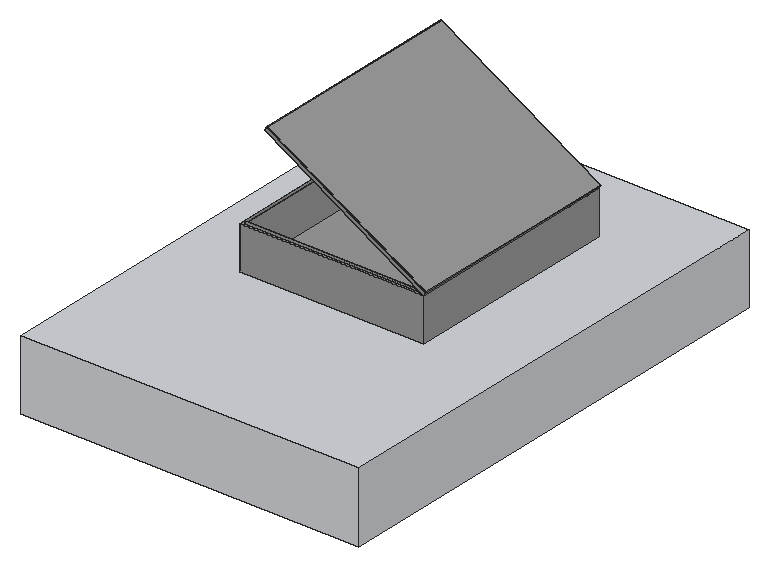
Revit family "Hager-Univers-IP44-D205-H950-Cl.I-Encl-CH-en", category Equipement électrique, Revit 2020
Family settings
  Hôte = Face
  Configuration du panneau = Deux colonnes, circuits au sein
  Cote de connecteur circulaire = Utiliser le diamètre
  Type d'élément = Tableau de raccordement
  Couper avec des vides une fois chargée = Non
  Partagée = Non
  Point de calcul de pièce = Non
Parameters (values of type "Surface mounted (plaster) IP44 W800 H950 D205  - FP63TN2")
  Width Control [instance] = if([EF000008 - Width] > Min Width, [EF000008 - Width], Min Width)  # 800 mm
  Commentaires du type = [HG000003 - Range]  # "Univers"
  Thickness Door [instance] = if([EF009171 - Material plate thickness door/cover] > 3 mm, 3 mm, [EF009171 - Material plate thickness door/cover])  # 1 mm
  Seal Frame Offset [instance] = 17 mm  # constant formula
  Plinth Visibility [instance] = [HG000027 - Plinth height] > 0 mm  # no
  Model = ""
  Min Width [instance] = 100 mm  # constant formula
  Min Height [instance] = 100 mm  # constant formula
  Min Depth [instance] = (2 * [EF009170 - Material plate thickness cabinet]) + 1 mm  # 3 mm
  Internal Frame Depth [instance] = (Door System Depth * 0.5)  # 9 mm
  Height Control [instance] = if([EF000040 - Height] > Min Height, [EF000040 - Height], Min Height)  # 950 mm
  HG000027 - Plinth height = 0 mm
  HG000026 - Floor standing = no
  HG000024 - Bottom section height = 800 mm
  HG000023 - Double section enclosure = no
  HG000016 - Door 3d visibility [instance] = yes
  HG000015 - Clearance visibility [instance] = no
  HG000014 - Door on the right [instance] = yes
  HG000013 - Door on the left [instance] = not([HG000014 - Door on the right])  # no
  HG000012 - Door swing angle [instance] = 30.00°
  HG000010 - Asymmetric doors = no
  HG000009 - Double swing door = no
  HG000006 - Flush mounted = no
  HG000004 - Manufacturer reference = "FP63TN2"
  HG000003 - Range = "Univers"
  HG000002 - With door or cover = yes
  Frame Offset Bottom [instance] = 10 mm  # constant formula
  Frame Offset [instance] = 15 mm  # constant formula
  EF015940 - Cover with overpressure release = no
  EF011959 - Degree of protection (NEMA) = ""
  EF009554 - Number of openings for flange plates = 6
  EF009212 - Cover model = "EV000116 - Closed"
  EF009171 - Material plate thickness door/cover = 1 mm
  EF009170 - Material plate thickness cabinet = 1 mm
  Fabricant = "Hager"  # constant formula
  EF008873 - Nominal current (In) = 250 A
  EF007800 - Suitable for lightning protection = no
  EF006306 - With lock = no
  EF006244 - Transparent cover/door = no
  EF005474 - Degree of protection (IP) = "EV006418 - IP44"
  EF004464 - Type of door = "EV002646 - Single"
  EF004427 - Number of modules = 216
  EF004293 - Impact strength = "EV006815 - IK09"
  EF003532 - Suitable for outdoor use = no
  EF002950 - Width in number of modular spacings = 36
  EF001613 - Circuit integrity = "EV000494 - None"
  EF001596 - Material housing = "EV000179 - Steel"
  EF001131 - Internal depth = 130 mm
  EF001088 - Extension possible = yes
  EF000437 - Number of conduit inlets = 6
  EF000339 - Type of cover = "EV001012 - Cover"
  EF000266 - Number of rows = 6
  EF000218 - Built-in depth = 205 mm
  EF000118 - With mounting plate = no
  EF000116 - RAL-number = "9010"
  EF000049 - Depth = 205 mm
  EF000040 - Height = 950 mm
  EF000008 - Width = 800 mm
  EF000007 - Colour = "EV000202 - White"
  EF000003 - Mounting method = "EV000384 - Surface mounted (plaster)"
  Door System Leaf Tolerance [instance] = 1.5 mm  # constant formula
  Door System Depth [instance] = 18 mm  # constant formula
  Door Height [instance] = Height Control - [HG000027 - Plinth height]  # 950 mm
  Depth Control [instance] = if([EF000049 - Depth] > Min Depth, [EF000049 - Depth], Min Depth)  # 205 mm
  Default Elevation = 0 mm
  Connector Offset [instance] = Height Control / 2  # 475 mm
  Bottom Top Plate Trim [instance] = 1.5 mm  # constant formula
  Plinth height Ctrl [instance] = if([HG000027 - Plinth height] > 0 mm, [HG000027 - Plinth height], 12 mm)  # 12 mm
Types (10, lengths in mm): name | Width Control | HG000010 - Asymmetric doors | HG000009 - Double swing door | HG000004 - Manufacturer reference | EF009554 - Number of openings for flange plates | EF004464 - Type of door | EF004427 - Number of modules | EF002950 - Width in number of modular spacings | EF000437 - Number of conduit inlets | EF000218 - Built-in depth | EF000008 - Width
  Surface mounted (plaster) IP44 W1050 H950 D205  - FP64QT | 1050 | no | no | "FP64QT" | 8 | "EV003602 - Double" | 288 | 48 | 8 | 0 | 1050
  Surface mounted (plaster) IP44 W1050 H950 D205  - FP64TN2 | 1050 | no | yes | "FP64TN2" | 8 | "EV003602 - Double" | 288 | 48 | 8 | 205 | 1050
  Surface mounted (plaster) IP44 W1300 H950 D205  - FP65QT | 1300 | no | no | "FP65QT" | 10 | "EV003602 - Double" | 360 | 60 | 10 | 0 | 1300
  Surface mounted (plaster) IP44 W1300 H950 D205  - FP65TN2 | 1300 | yes | yes | "FP65TN2" | 10 | "EV003602 - Double" | 360 | 60 | 10 | 205 | 1300
  Surface mounted (plaster) IP44 W300 H950 D205  - FP61QT | 300 | no | no | "FP61QT" | 2 | "EV002646 - Single" | 72 | 12 | 2 | 0 | 300
  Surface mounted (plaster) IP44 W300 H950 D205  - FP61TN2 | 300 | no | no | "FP61TN2" | 2 | "EV002646 - Single" | 72 | 12 | 2 | 205 | 300
  Surface mounted (plaster) IP44 W550 H950 D205  - FP62QT | 550 | no | no | "FP62QT" | 4 | "EV002646 - Single" | 144 | 24 | 4 | 0 | 550
  Surface mounted (plaster) IP44 W550 H950 D205  - FP62TN2 | 550 | no | no | "FP62TN2" | 4 | "EV002646 - Single" | 144 | 24 | 4 | 205 | 550
  Surface mounted (plaster) IP44 W800 H950 D205  - FP63QT | 800 | no | no | "FP63QT" | 6 | "EV002646 - Single" | 216 | 36 | 6 | 0 | 800
  Surface mounted (plaster) IP44 W800 H950 D205  - FP63TN2 | 800 | no | no | "FP63TN2" | 6 | "EV002646 - Single" | 216 | 36 | 6 | 205 | 800
Reference planes
  plane 1 "Center (Front/Back)": y = 0
  plane 2: z = 0
  plane 3 "Center (Left/Right)": x = 0
  plane 4: z = 205
  plane 5: y = 1
  plane 6: y = 475
  plane 7: y = 0
  plane 8: y = 950
  plane 9: z = 0
  plane 10: x = -385
  plane 11: x = 385
  plane 12: x = 384
  plane 13: x = -384
  plane 14: y = 949
  plane 15: x = -383
  plane 16: x = -400
  plane 17: x = 383
  plane 18: x = 400
  plane 19: x = 399
  plane 20: x = -399
  plane 21: y = 11
  plane 22: y = 950
  plane 23: y = 934
  plane 24: z = 187
  plane 25: z = 1
  plane 26: z = 186
  plane 27: z = 204
Forms (mm)
  Extrusion 1, solid
    sketch origin (0, 0, 0) x (1, 0, 0) y (0, 1, 0)
      loop
        line (-702.964, 1305) -> (-702.964, -811.445) -> (766.763, -811.445) -> (766.763, 1305) -> (-702.964, 1305)
    from 0 to -304.8
  Extrusion 2, solid, material "Hager_Steel_RAL7035_Light_Grey", visible <- "Plinth Visibility", detail levels medium+fine
    sketch origin (0, 0, 0) x (1, 0, 0) y (0, 1, 0)
      loop
        line (-400, 0) -> (400, 0) -> (400, 12) -> (-400, 12) -> (-400, 0)
    from 0 to 187
  Extrusion 3, solid, material "Hager_Steel_RAL7035_Light_Grey", detail levels medium+fine
    sketch origin (0, 0, 0) x (1, 0, 0) y (0, 1, 0)
      loop
        line (-400, 0) -> (400, 0) -> (400, 950) -> (-400, 950) -> (-400, 0)
    from 0 to 187
  Extrusion 4, void
    sketch origin (0, 0, 0) x (1, 0, 0) y (0, 1, 0)
      loop
        line (-399, 1) -> (399, 1) -> (399, 949) -> (-399, 949) -> (-399, 1)
    from 1 to 186
  Extrusion 5, void
    sketch origin (-381.607, -4572, 187) x (0, -1, 0) y (-1, 0, 0)
      loop
        line (-4583, 2.393) -> (-5506, 2.393) -> (-5506, -765.607) -> (-4583, -765.607) -> (-4583, 2.393)
    from 0 to 1 <- "EF009170 - Material plate thickness cabinet"
  Extrusion 6, solid, material "Hager_Steel_RAL7035_Light_Grey", detail levels fine
    sketch origin (0, 0, 187) x (1, 0, 0) y (0, 1, 0)
      loop
        line (-384, 934) -> (-384, 11) -> (384, 11) -> (384, 934) -> (-384, 934)
      loop
        line (-385, 10) -> (385, 10) -> (385, 935) -> (-385, 935) -> (-385, 10)
    from 0 to 9 <- "Internal Frame Depth"
  Extrusion 7, solid, material "Hager_Steel_RAL7035_Light_Grey", detail levels coarse
    sketch origin (0, 0, 0) x (1, 0, 0) y (0, 1, 0)
      loop
        line (-400, 0) -> (400, 0) -> (400, 950) -> (-400, 950) -> (-400, 0)
    from 0 to 205
  Sweep 8, void
    path in 3D
      loop
        line (-400, 12, 0) -> (400, 12, 0) -> (400, 12, 187) -> (-400, 12, 187) -> (-400, 12, 0)
    profile origin (-400, 12, 93.5) x (-1, 0, 0) y (0, -1, 0)
      loop
        line (0, 0) -> (0, 1.5) -> (-1.5, 1.5)
        arc (-1.5, 1.5) -> (-1.061, 0.439) -> (0, 0) r 1.5
Cuts and joins
  Extrusion 4, Extrusion 5 cuts Extrusion 3
  Sweep 8 cuts Extrusion 2
Lines and regions (mm)
  Masking region 1
    outline origin (0, 0, 0) x (1, 0, 0) y (0, 0, 1)
      loop
        line (-400, 205) -> (-400, 0) -> (400, 0) -> (400, 205) -> (-400, 205)
  Masking region 2, detail levels medium+fine
    outline origin (0, 140, 0) x (0, 1, 0) y (0, 0, 1)
      loop
        line (-140, 0) -> (810, 0) -> (810, 187) -> (-140, 187) -> (-140, 0)
  Masking region 3, not visible, detail levels medium+fine
    outline origin (0, 297.922, 0) x (0, 1, 0) y (0, 0, 1)
      loop
        line (188.578, 0) -> (228.578, 0) -> (228.578, 194)
        arc (228.578, 194) -> (225.649, 201.071) -> (218.578, 204) r 10
        line (218.578, 204) -> (188.578, 204) -> (188.578, 0)
  Masking region 4, detail levels coarse
    outline origin (0, 0, 180) x (0, 1, 0) y (0, 0, 1)
      loop
        line (0, -180) -> (950, -180) -> (950, 25) -> (0, 25) -> (0, -180)
  Masking region 5, visible <- "Plinth Visibility", detail levels medium+fine
    outline origin (0, 52.24, 12.345) x (0, 0, -1) y (0, 1, 0)
      loop
        line (10.845, -40.24) -> (-173.155, -40.24)
        arc (-173.155, -40.24) -> (-173.594, -41.301) -> (-174.655, -41.74) r 1.5
        line (-174.655, -41.74) -> (-174.655, -52.24) -> (12.345, -52.24) -> (12.345, -41.74)
        arc (12.345, -41.74) -> (11.285, -41.301) -> (10.845, -40.24) r 1.5
  Masking region 6, detail levels medium+fine
    outline origin (-381.607, -4572, 187) x (-1, 0, 0) y (0, -1, 0)
      loop
        line (18.393, -5522) -> (18.393, -4572) -> (-781.607, -4572) -> (-781.607, -5522) -> (18.393, -5522)
  Masking region 7, visible <- "Plinth Visibility", detail levels medium+fine
    outline origin (-381.607, -4727, 187) x (-1, 0, 0) y (0, -1, 0)
      loop
        arc (16.893, -4739) -> (17.332, -4737.939) -> (18.393, -4737.5) r 1.5
        line (18.393, -4737.5) -> (18.393, -4727) -> (-781.607, -4727) -> (-781.607, -4737.5)
        arc (-781.607, -4737.5) -> (-780.546, -4737.939) -> (-780.107, -4739) r 1.5
        line (-780.107, -4739) -> (16.893, -4739)
  Masking region 8, detail levels coarse
    outline origin (-442.548, -4669.526, 187) x (-1, 0, 0) y (0, -1, 0)
      loop
        line (-42.548, -5619.526) -> (-42.548, -4669.526) -> (-842.548, -4669.526) -> (-842.548, -5619.526) -> (-42.548, -5619.526)
  sketch lines
    curve 1: line (-400, 12, 187) -> (-400, 12, 0)
    curve 2: line (400, 12, 187) -> (-400, 12, 187)
    curve 3: line (400, 12, 187) -> (400, 12, 0)
    curve 4: line (-400, 12, 0) -> (400, 12, 0)
Dimensions and locks
  "Depth Control": plane 4 to Extrusion 1
  "HG000027 - Plinth height": plane 1 "Center (Front/Back)" to plane 7
  "EF009170 - Material plate thickness cabinet": plane 5 to plane 7
  locked: connector elem to plane 3 "Center (Left/Right)"
  equal spacing: plane 8, plane 6, plane 7
  locked: connector elem to plane 6
  "EF009170 - Material plate thickness cabinet": plane 8 to plane 14
  "EF009170 - Material plate thickness cabinet": plane 10 to plane 13
  "EF009170 - Material plate thickness cabinet": plane 12 to plane 11
  "Frame Offset": plane 20 to plane 13
  "Frame Offset": plane 12 to plane 19
  "EF009170 - Material plate thickness cabinet": plane 16 to plane 20
  "EF009170 - Material plate thickness cabinet": plane 19 to plane 18
  "Seal Frame Offset": plane 16 to plane 15
  "Seal Frame Offset": plane 17 to plane 18
  "Frame Offset Bottom": plane 21 to plane 5
  "Frame Offset": plane 14 to plane 23
  equal spacing: plane 16, plane 3 "Center (Left/Right)", plane 18
  "Width Control": plane 16 to plane 18
  "EF009170 - Material plate thickness cabinet": plane 4 to plane 27
  "EF009170 - Material plate thickness cabinet": plane 24 to plane 26
  "EF009170 - Material plate thickness cabinet": plane 25 to level
  "Door System Depth": plane 4 to plane 24
  "Height Control": plane 1 "Center (Front/Back)" to Extrusion 7 sketch curve
  "Height Control": Masking region 4 sketch curve to plane 1 "Center (Front/Back)"
  "Height Control": plane 1 "Center (Front/Back)" to plane 22
  "Bottom Top Plate Trim": profile plane to Sweep 8 sketch curve
  "Bottom Top Plate Trim": Sweep 8 sketch curve to profile plane
  "Plinth height Ctrl": plane 1 "Center (Front/Back)" to Extrusion 2 sketch curve
  "Plinth height Ctrl": Masking region 5 sketch curve to plane 1 "Center (Front/Back)"
  "Plinth height Ctrl": plane 1 "Center (Front/Back)" to Masking region 7 sketch curve
  "Thickness Door": Extrusion 6 sketch curve to Extrusion 6 sketch curve  (x3)
  "Thickness Door": cut or joined group of Extrusion 3, Extrusion 4, Extrusion 5 to Extrusion 6 sketch curve
  radius of Masking region 3 sketch curve = 10 mm
  "Bottom Top Plate Trim": radius of Masking region 5 sketch curve  (x2)
  "Bottom Top Plate Trim": radius of Sweep 8 sketch curve
  "Bottom Top Plate Trim": radius of Masking region 7 sketch curve  (x2)
  aligned and locked: plane 2 to Extrusion 1
  aligned and locked: level to Extrusion 1
  aligned and locked: level to Masking region 1 sketch curve
  aligned and locked: Masking region 1 sketch curve to plane 18
  aligned and locked: Masking region 1 sketch curve to plane 16
  aligned and locked: plane 7 to Masking region 2 sketch curve
  aligned and locked: level to Masking region 3 sketch curve
  aligned and locked: Masking region 3 sketch curve to plane 27
  aligned and locked: level to Masking region 2 sketch curve
  aligned and locked: plane 1 "Center (Front/Back)" to Extrusion 2 sketch curve
  aligned and locked: Extrusion 3 sketch curve to plane 7
  aligned and locked: plane 16 to Extrusion 3 sketch curve
  aligned and locked: plane 18 to Extrusion 3 sketch curve
  aligned and locked: plane 20 to Extrusion 4 sketch curve
  aligned and locked: plane 19 to Extrusion 4 sketch curve
  aligned and locked: Extrusion 4 sketch curve to plane 5
  aligned and locked: Extrusion 4 to plane 25
  aligned and locked: plane 26 to Extrusion 4
  aligned and locked: plane 24 to Extrusion 3
  aligned and locked: Extrusion 5 sketch curve to plane 21
  aligned and locked: Extrusion 5 sketch curve to plane 13
  aligned and locked: Extrusion 5 sketch curve to plane 12
  aligned and locked: plane 18 to Extrusion 7 sketch curve
  aligned and locked: plane 1 "Center (Front/Back)" to Extrusion 7 sketch curve
  aligned and locked: plane 16 to Extrusion 7 sketch curve
  aligned and locked: plane 4 to Extrusion 7
  aligned and locked: Extrusion 7 to level
  aligned and locked: level to Masking region 4 sketch curve
  aligned and locked: Masking region 4 sketch curve to plane 1 "Center (Front/Back)"
  aligned and locked: Masking region 4 sketch curve to plane 4
  aligned and locked: nested 1 to level
  aligned and locked: nested 1 to plane 16
  aligned and locked: plane 8 to Extrusion 3 sketch curve
  aligned and locked: plane 23 to Extrusion 5 sketch curve
  aligned and locked: plane 14 to Extrusion 4 sketch curve
  aligned and locked: Masking region 2 sketch curve to plane 8
  aligned and locked: level to Masking region 5 sketch curve
  aligned and locked: plane 16 to Extrusion 2 sketch curve
  aligned and locked: plane 18 to Extrusion 2 sketch curve
  aligned and locked: Masking region 5 sketch curve to plane 24
  aligned and locked: Masking region 2 sketch curve to plane 24
  aligned and locked: plane 24 to Extrusion 2
  aligned and locked: profile plane to Sweep 8 sketch curve  (x2)
  aligned and locked: Masking region 6 sketch curve to plane 18
  aligned and locked: Masking region 6 sketch curve to plane 22
  aligned and locked: Masking region 6 sketch curve to plane 16
  aligned and locked: plane 8 to plane 22
  aligned and locked: Masking region 6 sketch curve to plane 7
  aligned and locked: Masking region 7 sketch curve to plane 16
  aligned and locked: Masking region 7 sketch curve to plane 1 "Center (Front/Back)"
  aligned and locked: Masking region 7 sketch curve to plane 18
  aligned and locked: Masking region 8 sketch curve to plane 1 "Center (Front/Back)"
  aligned and locked: Masking region 8 sketch curve to plane 18
  aligned and locked: Masking region 8 sketch curve to plane 22
  aligned and locked: Masking region 8 sketch curve to plane 16
  aligned and locked: nested 2 to plane 7
  aligned and locked: plane 3 "Center (Left/Right)" to nested 2
  aligned and locked: nested 2 to plane 24
  aligned and locked: Extrusion 6 sketch curve to cut or joined group of Extrusion 3, Extrusion 4, Extrusion 5  (x4)
Automatic sketch dimensions
  Extrusion 1 sketch curve to Extrusion 1 sketch curve = 1469.727 mm
  Extrusion 1 sketch curve to Extrusion 1 sketch curve = 2116.445 mm
  Masking region 1 sketch curve to plane 4 = 0 mm
  plane 6 to Masking region 3 sketch curve = 11.5 mm
  Masking region 3 sketch curve to Masking region 3 sketch curve = 30 mm
  Masking region 5 sketch curve to plane 1 "Center (Front/Back)" = 0 mm
Nested families
  nested 1: "Hager_Enclosure_Symbol" at (-400, 0, 0) x (1, 0, 0) z (0, -1, 0), Height <- "Depth Control", Width <- "Width Control", type "Hager_Enclosure_Symbol"
    with Width_Ctrl 800 mm, Width 800 mm, Height_Ctrl 205 mm, Height 205 mm, A_Width_Int 13.453 mm, A_Width 161.438 mm, A_Height_Ctrl 179.375 mm, A_Height 179.375 mm
  nested 2: "EC000058_Univers_Door" at (0, 0, 187) x (1, 0, 0) z (0, 1, 0), Leaf_Tolerance <- "Door System Leaf Tolerance", Angle <- "HG000012 - Door swing angle", Door_Depth <- "Door System Depth", Door_Left <- "HG000013 - Door on the left", Transparent <- "EF006244 - Transparent cover/door", Assymetrical <- "HG000010 - Asymmetric doors", Width <- "Width Control", Clearance <- "HG000015 - Clearance visibility", Double <- "HG000009 - Double swing door", 3d_Door <- "HG000016 - Door 3d visibility", Lock_Visibility <- "EF006306 - With lock", Width_Ctrl <- "Width Control", Door_Right <- "HG000014 - Door on the right", Door <- "HG000002 - With door or cover", Height <- "Door Height", Thickness <- "Thickness Door", type "EC000058_Univers_Door", detail levels medium+fine
    with min_wh 3 mm, Width_Ctrl 800 mm, Width 800 mm, Transparent no, Thickness 1 mm, Seal_Material Hager_Rubber, Lock_Visibility no, Lock_Material Hager_Plastic_RAL9005_Jet_Black, Leaf_Width 800 mm, Leaf_Tolerance_External_Sides 0 mm, Leaf_Tolerance 1.5 mm, Leaf_Offset 0 mm, Leaf_Height 947 mm, Leaf_2_Width 800 mm, Leaf_2_Offset 400 mm, Leaf_1_Width 800 mm, Leaf_1_Offset 400 mm, Height_Ctrl 950 mm, Height 950 mm, Glass_Material Hager_Glass, Double_Clearance_Ctrl no, Double no, Door_Right_Ctrl yes, Door_Right yes, Door_Material Hager_Steel_RAL7035_Light_Grey, Door_Left_Ctrl no, Door_Left no, Door_Depth 18 mm, Door yes, Clearance_Material Hager_Clearance, Clearance_Depth 800 mm, Clearance_Ctrl no, Clearance no, Assymetrical no, Angle 30.00°, 3d_Door yes
Connectors
  electrical at (0, 475, 0)
    settings: on plane 9, index 1, voltage 0 V, apparent load 0 VA, apparent load phase1 0 VA, apparent load phase2 0 VA, apparent load phase3 0 VA, power factor 1, load classification "Other", number of poles 1, system type 30, power factor state 1, is connector primary yes, connector utility no, sub classification motor no, connector description ""
Definition of nested family "EC000058_Univers_Door"
  Parameters (values of type "EC000058_Univers_Door")
    min_wh [instance] = (2 * Thickness) + 1 mm  # 11 mm
    Width_Ctrl [instance] = 400 mm
    Width [instance] = 500 mm
    Transparent [instance] = yes
    Thickness [instance] = 5 mm
    Seal_Material [instance] = none
    Lock_Visibility [instance] = yes
    Lock_Material [instance] = none
    Leaf_Width [instance] = if((Width_Ctrl - 2 * Leaf_Tolerance_External_Sides) > 0 mm, (Width_Ctrl - 2 * Leaf_Tolerance_External_Sides), min_wh)  # 400 mm
    Leaf_Tolerance_External_Sides [instance] = 0 mm  # constant formula
    Leaf_Tolerance [instance] = 1.5 mm
    Leaf_Offset [instance] = 0 mm  # constant formula
    Leaf_Height [instance] = if((Height_Ctrl - 2 * Leaf_Tolerance) > 0 mm, (Height_Ctrl - 2 * Leaf_Tolerance), min_wh)  # 497 mm
    Leaf_2_Width [instance] = if(and(and(Double, Assymetrical), Door_Left), (Leaf_Width / 3) - (Leaf_Tolerance / 2), if(and(and(Double, Assymetrical), Door_Right), (Leaf_Width / 3) * 2 - (Leaf_Tolerance / 2), if(and(Double, not(Assymetrical)), (Leaf_Width / 2) - Leaf_Tolerance, Leaf_Width)))  # 400 mm
    Leaf_2_Offset [instance] = if(and(Double, Assymetrical), Leaf_2_Width / 2, if(and(Double, not(Assymetrical)), Leaf_Width / 4, Leaf_Width / 2))  # 200 mm
    Leaf_1_Width [instance] = if(and(and(Double, Assymetrical), Door_Right), (Leaf_Width / 3) - (Leaf_Tolerance / 2), if(and(and(Double, Assymetrical), Door_Left), (Width / 3) * 2 - (Leaf_Tolerance / 2), if(and(Double, not(Assymetrical)), (Leaf_Width / 2) - Leaf_Tolerance, Leaf_Width)))  # 400 mm
    Leaf_1_Offset [instance] = if(and(Double, Assymetrical), Leaf_1_Width / 2, if(and(Double, not(Assymetrical)), Leaf_Width / 4, Leaf_Width / 2))  # 200 mm
    Height_Ctrl [instance] = if(Height > min_wh, Height, min_wh)  # 500 mm
    Height [instance] = 500 mm
    Glass_Material [instance] = none
    Double_Clearance_Ctrl [instance] = and(Double, Clearance)  # no
    Double [instance] = no
    Door_Right_Ctrl [instance] = and(or(Door_Right, Double), Door)  # yes
    Door_Right [instance] = yes
    Door_Material [instance] = none
    Door_Left_Ctrl [instance] = and(or(Door_Left, Double), Door)  # no
    Door_Left [instance] = no
    Door_Depth [instance] = 30 mm
    Door [instance] = yes
    Default Elevation = 1219.2 mm
    Clearance_Material [instance] = none
    Clearance_Depth [instance] = if(Leaf_1_Width > Leaf_2_Width, Leaf_1_Width, Leaf_2_Width)  # 400 mm
    Clearance_Ctrl [instance] = and(not(Double), Clearance)  # yes
    Clearance [instance] = yes
    Assymetrical [instance] = yes
    Angle [instance] = 30.00°
    3d_Door [instance] = yes
  Reference planes
    plane 1 "Center (Front/Back)": y = 0
    plane 2 "Bottom": z = 0
    plane 3 "Center (Left/Right)": x = 0
    plane 4: z = 500
    plane 5: x = -200
    plane 6: x = 200
    plane 7: z = 500
    plane 8: x = -200
    plane 9: z = 0
    plane 10: x = 200
    plane 11: y = 0
    plane 12: z = 1.5
    plane 13: x = -600
    plane 14: y = -400
    plane 15: x = 600
    plane 16: x = 0
    plane 17: x = 0
    plane 18: x = -200
    plane 19: x = 200
    plane 20: z = 498.5
  Forms (mm)
    Extrusion 1, solid, material <- "Clearance_Material", visible <- "Double_Clearance_Ctrl"
      sketch origin (1200, 0, 0) x (1, 0, 0) y (0, 0, -1)
        loop
          line (-1800, -498.5) -> (-600, -498.5) -> (-600, 0) -> (-1800, 0) -> (-1800, -498.5)
      from 0 to -400
  Dimensions and locks
    equal spacing: plane 5, plane 3 "Center (Left/Right)", plane 6
    "Width_Ctrl": plane 5 to plane 6
    "Leaf_Offset": plane 5 to plane 8
    "Leaf_Offset": plane 6 to plane 10
    "Leaf_Offset": plane 9 to level
    "Leaf_Offset": plane 4 to plane 7
    "Height_Ctrl": plane 4 to level
    "Leaf_Tolerance": plane 12 to plane 9
    locked: plane 11 to plane 1 "Center (Front/Back)"
    "Leaf_1_Offset": plane 18 to plane 16
    "Leaf_2_Offset": plane 17 to plane 19
    "Leaf_1_Width": plane 13 to plane 8
    "Leaf_2_Width": plane 10 to plane 15
    "Clearance_Depth": plane 14 to plane 1 "Center (Front/Back)"
    "Leaf_Tolerance_External_Sides": plane 8 to plane 18
    "Leaf_Tolerance_External_Sides": plane 19 to plane 10
    "Leaf_Tolerance": plane 7 to plane 20
    aligned and locked: level to plane 2 "Bottom"
    aligned and locked: nested 1 to plane 16
    aligned and locked: nested 2 to plane 17
    aligned and locked: Extrusion 1 to plane 13
    aligned and locked: plane 15 to Extrusion 1
    aligned and locked: Extrusion 1 to plane 14
    aligned and locked: plane 12 to nested 1
    aligned and locked: nested 2 to plane 12
    aligned and locked: Extrusion 1 to plane 11
    aligned and locked: plane 20 to Extrusion 1
    aligned and locked: nested 2 to plane 11
    aligned and locked: nested 1 to plane 11
  Automatic sketch dimensions
    Extrusion 1 sketch curve to level = 0 mm
    plane 5 to Extrusion 1 sketch curve = 400 mm
    plane 6 to Extrusion 1 sketch curve = 400 mm
    Extrusion 1 sketch curve to plane 4 = 1.5 mm
  Nested families
    nested 1: "EC000058_Univers_Door_Leaf" at (0, 0, 1.5), Width <- "Leaf_1_Width", visible <- "Door_Left_Ctrl", Leaf_Height <- "Leaf_Height", Angle <- "Angle", 3d_Door <- "3d_Door", Transparent <- "Transparent", Clearance Material <- "Clearance_Material", Clearance <- "Clearance_Ctrl", Door_Material <- "Door_Material", Glass_Material <- "Glass_Material", Door_Depth <- "Door_Depth", Lock_Material <- "Lock_Material", Seal_Material <- "Seal_Material", Lock_Visibility <- "Lock_Visibility", Thickness <- "Thickness", type "EC000058_Univers_Door_Leaf"
      with Width 400 mm, Transparent_Glass_Offset 30 mm, Transparent_Ctrl yes, Transparent yes, Thickness 5 mm, Standard no, Seal_Material none, Seal_D2 8 mm, Seal_D1 1 mm, Offset_Internal_Frame 10 mm, Lock_Width 20 mm, Lock_Visibility_3d yes, Lock_Visibility yes, Lock_Thickness_3 3 mm, Lock_Thickness_2 1 mm, Lock_Thickness_1 3 mm, Lock_Radius_Offset_2 16 mm, Lock_Radius_Offset_1 15 mm, Lock_Radius_2 5 mm, Lock_Radius 6 mm, Lock_Offset 5 mm, Lock_Material none, Lock_Height 80 mm, Lock_Cover_Top_Offset_2d 17 mm, Lock_Cover_Height -65 mm, Leaf_Height 497 mm, Internal_Seal_Thickness 8 mm, Internal_Seal_Depth_2 4.5 mm, Internal_Frame_Depth 25 mm, Glass_Thickness -1 mm, Glass_Offset -2 mm, Glass_Material none, Door_Material none, Door_Depth 30 mm, Clearance Material none, Clearance yes, Angle_Ctrl 30.00°, Angle 30.00°, 3d_Door yes
    nested 2: "EC000058_Univers_Door_Leaf" at (0, 0, 1.5) x (-1, 0, 0) z (0, 0, 1), Width <- "Leaf_2_Width", visible <- "Door_Right_Ctrl", Leaf_Height <- "Leaf_Height", Angle <- "Angle", 3d_Door <- "3d_Door", Transparent <- "Transparent", Clearance Material <- "Clearance_Material", Clearance <- "Clearance_Ctrl", Door_Material <- "Door_Material", Glass_Material <- "Glass_Material", Door_Depth <- "Door_Depth", Lock_Material <- "Lock_Material", Seal_Material <- "Seal_Material", Lock_Visibility <- "Lock_Visibility", Thickness <- "Thickness", type "EC000058_Univers_Door_Leaf"
      with Width 400 mm, Transparent_Glass_Offset 30 mm, Transparent_Ctrl yes, Transparent yes, Thickness 5 mm, Standard no, Seal_Material none, Seal_D2 8 mm, Seal_D1 1 mm, Offset_Internal_Frame 10 mm, Lock_Width 20 mm, Lock_Visibility_3d yes, Lock_Visibility yes, Lock_Thickness_3 3 mm, Lock_Thickness_2 1 mm, Lock_Thickness_1 3 mm, Lock_Radius_Offset_2 16 mm, Lock_Radius_Offset_1 15 mm, Lock_Radius_2 5 mm, Lock_Radius 6 mm, Lock_Offset 5 mm, Lock_Material none, Lock_Height 80 mm, Lock_Cover_Top_Offset_2d 17 mm, Lock_Cover_Height -65 mm, Leaf_Height 497 mm, Internal_Seal_Thickness 8 mm, Internal_Seal_Depth_2 4.5 mm, Internal_Frame_Depth 25 mm, Glass_Thickness -1 mm, Glass_Offset -2 mm, Glass_Material none, Door_Material none, Door_Depth 30 mm, Clearance Material none, Clearance yes, Angle_Ctrl 30.00°, Angle 30.00°, 3d_Door yes
  Definition of nested family "EC000058_Univers_Door_Leaf"
    Parameters (values of type "EC000058_Univers_Door_Leaf")
      Width [instance] = 2000 mm
      Transparent_Glass_Offset [instance] = 30 mm
      Transparent_Ctrl [instance] = and(Transparent, [3d_Door])  # yes
      Transparent [instance] = yes
      Thickness [instance] = 5 mm
      Standard [instance] = and(not(Transparent), [3d_Door])  # no
      Seal_Material [instance] = none
      Seal_D2 [instance] = 8 mm  # constant formula
      Seal_D1 [instance] = 1 mm  # constant formula
      Offset_Internal_Frame [instance] = 10 mm  # constant formula
      Lock_Width [instance] = 20 mm  # constant formula
      Lock_Visibility_3d [instance] = and(Lock_Visibility, [3d_Door])  # yes
      Lock_Visibility [instance] = yes
      Lock_Thickness_3 [instance] = 3 mm  # constant formula
      Lock_Thickness_2 [instance] = 1 mm  # constant formula
      Lock_Thickness_1 [instance] = 3 mm  # constant formula
      Lock_Radius_Offset_2 [instance] = Lock_Radius_Offset_1 + 1 mm  # 16 mm
      Lock_Radius_Offset_1 [instance] = 15 mm  # constant formula
      Lock_Radius_2 [instance] = Lock_Radius - 1 mm  # 5 mm
      Lock_Radius [instance] = 6 mm  # constant formula
      Lock_Offset [instance] = 5 mm  # constant formula
      Lock_Material [instance] = none
      Lock_Height [instance] = 80 mm  # constant formula
      Lock_Cover_Top_Offset_2d [instance] = Lock_Radius_Offset_2 + 1 mm  # 17 mm
      Lock_Cover_Height [instance] = -(Lock_Height - Lock_Radius_Offset_1)  # -65 mm
      Leaf_Height [instance] = 2720.336 mm
      Internal_Seal_Thickness [instance] = 8 mm  # constant formula
      Internal_Seal_Depth_2 [instance] = 4.5 mm  # constant formula
      Internal_Frame_Depth [instance] = if(Door_Depth - Thickness > 5 mm, Door_Depth - Thickness, 5 mm)  # 25 mm
      Glass_Thickness [instance] = if(Thickness > 15 mm, Glass_Offset + 10 mm, -1 mm)  # -1 mm
      Glass_Offset [instance] = if(Thickness > 15 mm, -(Thickness + 10 mm) / 2, -2 mm)  # -2 mm
      Glass_Material [instance] = none
      Door_Material [instance] = none
      Door_Depth [instance] = 30 mm
      Default Elevation = 0 mm
      Clearance Material [instance] = none
      Clearance [instance] = yes
      Angle_Ctrl [instance] = if(Angle > 180.00°, 180.00°, Angle)  # 90.00°
      Angle [instance] = 90.00°
      3d_Door [instance] = yes
    Reference planes
      plane 1 "Center (Front/Back)": y = 0
      plane 2: z = 0
      plane 3 "Center (Left/Right)": x = 0
      plane 4: y = 2000
      plane 5: x = -1000
      plane 6: x = 1000
      plane 7: x = -3000
      plane 8: z = 2720.336
      plane 9: z = 30
      plane 10: z = 2690.336
      plane 11: x = 970
      plane 12: x = -970
      plane 13: y = -3
      plane 14: z = 107.833
      plane 15: y = -5
      plane 16: y = -223.314
      plane 17: x = -1000
      plane 18: z = 1360.168
      plane 19: y = 30
    Forms (mm)
      Extrusion 1, solid, material <- "Clearance Material", visible <- "Clearance"
        sketch origin (0, 0, 0) x (1, 0, 0) y (0, 0, 1)
          loop
            line (-3000, 2720.336) -> (-3000, 0) -> (1000, 0) -> (1000, 2720.336) -> (-3000, 2720.336)
        from 0 to -2000
      Extrusion 2, solid, material <- "Door_Material", visible <- "Standard", detail levels medium+fine
        sketch origin (-1000, 0, 0) x (0, 1, 0) y (-1, 0, 0)
          loop
            line (0, 30) -> (0, 25) -> (2000, 25) -> (2000, 30) -> (0, 30)
        from 0 to 2720.336 <- "Leaf_Height"
      Extrusion 3, solid, material <- "Door_Material", visible <- "Transparent_Ctrl", detail levels medium+fine
        sketch origin (-1000, 0, 0) x (0, 1, 0) y (-1, 0, 0)
          loop
            line (0, 25) -> (2000, 25) -> (2000, 30) -> (0, 30) -> (0, 25)
        from 0 to 2720.336 <- "Leaf_Height"
      Extrusion 4, void
        sketch origin (-1025, 2000, 0) x (0, 1, 0) y (0, 0, -1)
          loop
            line (-30, -2690.336) -> (-30, -30) -> (-1970, -30) -> (-1970, -2690.336) -> (-30, -2690.336)
        from 0 to 5 <- "Thickness"
      Sweep 5, solid, material <- "Seal_Material", visible <- "Transparent_Ctrl", detail levels fine
        path in 3D
          loop
            line (-1025, 30, 30) -> (-1025, 30, 2690.336) -> (-1025, 1970, 2690.336) -> (-1025, 1970, 30) -> (-1025, 30, 30)
        profile origin (-1025, 1000, 30) x (1, 0, 0) y (0, 0, 1)
          loop
            line (0, 0) -> (0, -8) -> (1, -8) -> (1, 0) -> (0, 0)
      Extrusion 6, solid, material <- "Glass_Material", visible <- "Transparent_Ctrl", detail levels medium+fine
        sketch origin (-1030, 0, 0) x (0, 1, 0) y (0, 0, -1)
          loop
            line (1970, -2690.336) -> (1970, -30) -> (30, -30) -> (30, -2690.336) -> (1970, -2690.336)
        from -2 <- "Glass_Offset" to -1 <- "Glass_Thickness"
      Extrusion 7, solid, material <- "Door_Material", visible <- "3d_Door", detail levels medium+fine
        sketch origin (-1025, 2000, 0) x (0, -1, 0) y (0, 0, -1)
          loop
            line (0, -2720.336) -> (2000, -2720.336) -> (2000, 0) -> (0, 0) -> (0, -2720.336)
          loop
            line (1995, -5) -> (5, -5) -> (5, -2715.336) -> (1995, -2715.336) -> (1995, -5)
        from 0 to 25 <- "Internal_Frame_Depth"
      Sweep 8, solid, material <- "Seal_Material", visible <- "Transparent_Ctrl", detail levels fine
        path in 3D
          loop
            line (-1025, 0, 0) -> (-1025, 2000, 0) -> (-1025, 2000, 2720.336) -> (-1025, 0, 2720.336) -> (-1025, 0, 0)
        profile origin (-1025, 0, 1360.168) x (1, 0, 0) y (0, 1, 0)
          loop
            line (0, 10) -> (2.975, 10)
            arc (2.975, 10) -> (4.053, 10.447) -> (4.5, 11.525) r 1.525
            line (4.5, 11.525) -> (4.5, 16.527)
            arc (4.5, 16.527) -> (4.069, 17.569) -> (3.027, 18) r 1.473
            line (3.027, 18) -> (0, 18) -> (0, 10)
      Extrusion 9, solid, material <- "Lock_Material", visible <- "Lock_Visibility_3d", detail levels fine
        sketch origin (-1030, 0, 0) x (0, 1, 0) y (0, 0, -1)
          loop
            arc (1993.5, -1400.168) -> (1994.561, -1399.729) -> (1995, -1398.668) r 1.5
            line (1995, -1398.668) -> (1995, -1320.168) -> (1975, -1320.168) -> (1975, -1398.668)
            arc (1975, -1398.668) -> (1975.439, -1399.729) -> (1976.5, -1400.168) r 1.5
            line (1976.5, -1400.168) -> (1993.5, -1400.168)
        from 3 <- "Lock_Thickness_1" to 0
      Blend 10, solid, material <- "Lock_Material", visible <- "Lock_Visibility_3d", detail levels fine
        base sketch origin (-1033, 0, 0) x (0, 1, 0) y (0, 0, -1)
          loop
            line (1975, -1320.168) -> (1975, -1398.668)
            arc (1975, -1398.668) -> (1975.439, -1399.729) -> (1976.5, -1400.168) r 1.5
            line (1976.5, -1400.168) -> (1993.5, -1400.168)
            arc (1993.5, -1400.168) -> (1994.561, -1399.729) -> (1995, -1398.668) r 1.5
            line (1995, -1398.668) -> (1995, -1320.168) -> (1975, -1320.168)
        top sketch origin (-1033, 0, 0) x (0, 1, 0) y (0, 0, -1)
          loop
            line (1976, -1320.168) -> (1976, -1398.668)
            arc (1976, -1398.668) -> (1976.146, -1399.022) -> (1976.5, -1399.168) r 0.5
            line (1976.5, -1399.168) -> (1993.5, -1399.168)
            arc (1993.5, -1399.168) -> (1993.854, -1399.022) -> (1994, -1398.668) r 0.5
            line (1994, -1398.668) -> (1994, -1320.168) -> (1976, -1320.168)
        from 0 to 1 <- "Lock_Thickness_2"
      Blend 11, solid, material <- "Lock_Material", visible <- "Lock_Visibility_3d", detail levels fine
        base sketch origin (-1034, 0, 0) x (0, 1, 0) y (0, 0, -1)
          loop
            line (1978, -1320.168) -> (1978, -1384.168)
            arc (1978, -1384.168) -> (1985, -1391.168) -> (1992, -1384.168) r 7
            line (1992, -1384.168) -> (1992, -1320.168) -> (1978, -1320.168)
        top sketch origin (-1034, 0, 0) x (0, 1, 0) y (0, 0, -1)
          loop
            line (1991, -1320.168) -> (1979, -1320.168) -> (1979, -1383.168)
            arc (1979, -1383.168) -> (1985, -1389.168) -> (1991, -1383.168) r 6
            line (1991, -1383.168) -> (1991, -1320.168)
        from 0 to 3 <- "Lock_Thickness_3"
      Extrusion 12, solid, material <- "Lock_Material", visible <- "Lock_Visibility_3d", detail levels fine
        sketch origin (-1030, 1975, 1320.168) x (1, 0, 0) y (0, -1, 0)
          loop
            line (-7, -19) -> (-7, -1) -> (0, -1) -> (0, 0) -> (-8, 0) -> (-8, -20) -> (0, -20) -> (0, -19) -> (-7, -19)
        from 0 to -65 <- "Lock_Cover_Height"
      Extrusion 13, void
        sketch origin (-1038, 1995, 1320.168) x (-1, 0, 0) y (0, 0, -1)
          loop
            line (-5, -65) -> (0, -65) -> (-5, -60) -> (-5, -65)
        from 0 to 20 <- "Lock_Width"
      Extrusion 14, void
        sketch origin (-1038, 1975, 1320.168) x (0, -1, 0) y (0, 0, -1)
          loop
            circle (-10, -15.995) r 6
          loop
            circle (-10, -15.995) r 5
        from 0 to 2
      Extrusion 15, solid, material <- "Lock_Material", visible <- "Lock_Visibility_3d", detail levels medium
        sketch origin (-1030, 0, 0) x (0, 1, 0) y (0, 0, -1)
          loop
            arc (1993.5, -1400.168) -> (1994.561, -1399.729) -> (1995, -1398.668) r 1.5
            line (1995, -1398.668) -> (1995, -1320.168) -> (1975, -1320.168) -> (1975, -1398.668)
            arc (1975, -1398.668) -> (1975.439, -1399.729) -> (1976.5, -1400.168) r 1.5
            line (1976.5, -1400.168) -> (1993.5, -1400.168)
        from 8 to 0
    Cuts and joins
      Extrusion 4 cuts Extrusion 3
      Extrusion 13, Extrusion 14 cuts Extrusion 9
      Extrusion 14 cuts Blend 11
      Extrusion 13, Extrusion 14 cuts Extrusion 12
      joined: Extrusion 9, Blend 10, Blend 11, Extrusion 12
      Extrusion 14 cuts Extrusion 15
    Lines and regions (mm)
      Masking region 1, visible <- "Lock_Visibility", detail levels fine
        outline origin (0, 0, 0) x (0, 1, 0) y (0, 0, 1)
          loop
            line (30, 1320.168) -> (33, 1320.168) -> (33, 1400.168) -> (30, 1400.168) -> (30, 1320.168)
      Masking region 2, visible <- "Lock_Visibility", detail levels fine
        outline origin (0, 3.143, 0) x (0, 1, 0) y (0, 0, 1)
          loop
            line (29.857, 1354.168) -> (30.857, 1354.168) -> (30.857, 1366.168) -> (29.857, 1366.168) -> (29.857, 1354.168)
      Masking region 3, detail levels medium+fine
        outline origin (0, 0, 0) x (0, 1, 0) y (0, 0, 1)
          loop
            line (0, 0) -> (30, 0) -> (30, 2720.336) -> (0, 2720.336) -> (0, 0)
      Masking region 4, detail levels medium+fine
        outline origin (0, 0, 0) x (1, 0, 0) y (0, 0, 1)
          loop
            line (-1000, 2720.336) -> (-1000, 0) -> (1000, 0) -> (1000, 2720.336) -> (-1000, 2720.336)
      Masking region 5, visible <- "Lock_Visibility", detail levels fine
        outline origin (-47.116, 0, 0) x (1, 0, 0) y (0, 0, 1)
          loop
            arc (1024.616, 1399.168) -> (1023.556, 1398.729) -> (1023.116, 1397.668) r 1.5
            line (1023.116, 1397.668) -> (1023.116, 1320.168) -> (1041.116, 1320.168) -> (1041.116, 1397.668)
            arc (1041.116, 1397.668) -> (1040.677, 1398.729) -> (1039.616, 1399.168) r 1.5
            line (1039.616, 1399.168) -> (1024.616, 1399.168)
      Masking region 6, visible <- "Lock_Visibility", detail levels medium+fine
        outline origin (-25, 0, 0) x (1, 0, 0) y (0, 0, 1)
          loop
            arc (1001.5, 1400.168) -> (1000.439, 1399.729) -> (1000, 1398.668) r 1.5
            line (1000, 1398.668) -> (1000, 1320.168) -> (1020, 1320.168) -> (1020, 1398.668)
            arc (1020, 1398.668) -> (1019.561, 1399.729) -> (1018.5, 1400.168) r 1.5
            line (1018.5, 1400.168) -> (1001.5, 1400.168)
      Masking region 7, visible <- "Lock_Visibility", detail levels fine
        outline origin (-73.735, 0, 0) x (1, 0, 0) y (0, 0, 1)
          loop
            line (1051.735, 1382.168) -> (1065.735, 1382.168) -> (1065.735, 1384.168)
            arc (1065.735, 1384.168) -> (1058.735, 1391.168) -> (1051.735, 1384.168) r 7
            line (1051.735, 1384.168) -> (1051.735, 1382.168)
      Masking region 8, visible <- "Lock_Visibility", detail levels fine
        outline origin (-73.735, 0, 0) x (1, 0, 0) y (0, 0, 1)
          loop
            line (1052.735, 1382.168) -> (1064.735, 1382.168) -> (1064.735, 1383.168)
            arc (1064.735, 1383.168) -> (1058.735, 1389.168) -> (1052.735, 1383.168) r 6
            line (1052.735, 1383.168) -> (1052.735, 1382.168)
      Masking region 9, visible <- "Lock_Visibility", detail levels fine
        outline origin (-25, 0, 0) x (1, 0, 0) y (0, 0, 1)
          loop
            line (1020, 1320.168) -> (1020, 1382.168) -> (1000, 1382.168) -> (1000, 1320.168) -> (1020, 1320.168)
      Masking region 10, detail levels medium+fine
        outline origin (0, 0, 0) x (1, 0, 0) y (0, 0, 1)
          loop
            circle (985, 1335.144) r 6
      Masking region 11, detail levels fine
        outline origin (0, 0, 0) x (1, 0, 0) y (0, 0, 1)
          loop
            circle (985, 1335.144) r 5
      Masking region 12, visible <- "Lock_Visibility", detail levels fine
        outline origin (0, 12.767, 0) x (0, 1, 0) y (0, 0, 1)
          loop
            line (20.233, 1320.168) -> (21.233, 1320.168) -> (21.233, 1399.168) -> (20.233, 1400.168) -> (20.233, 1320.168)
      Masking region 13, visible <- "Lock_Visibility", detail levels fine
        outline origin (0, 13.767, -10) x (0, 1, 0) y (0, 0, 1)
          loop
            line (20.233, 1330.168) -> (23.233, 1330.168) -> (23.233, 1399.168) -> (20.233, 1402.168) -> (20.233, 1330.168)
      Masking region 14, visible <- "Lock_Visibility", detail levels fine
        outline origin (0, 12.767, -10) x (0, 1, 0) y (0, 0, 1)
          loop
            line (20.233, 1330.168) -> (25.233, 1330.168) -> (25.233, 1399.305) -> (20.233, 1394.305) -> (20.233, 1330.168)
      Masking region 15, visible <- "Lock_Visibility", detail levels medium
        outline origin (0, 0, 0) x (0, 1, 0) y (0, 0, 1)
          loop
            line (30, 1320.168) -> (38, 1320.168) -> (38, 1400.168) -> (30, 1400.168) -> (30, 1320.168)
      Masking region 16, visible <- "Lock_Visibility", detail levels fine
        outline origin (-1000, 0, 0) x (0, 1, 0) y (-1, 0, 0)
          loop
            line (1975, 30) -> (1995, 30) -> (1995, 38) -> (1975, 38) -> (1975, 30)
          loop
            line (1979, 37) -> (1976, 37) -> (1976, 34) -> (1978, 34) -> (1979, 37)
          loop
            line (1994, 37) -> (1991, 37) -> (1992, 34) -> (1994, 34) -> (1994, 37)
      Masking region 17, visible <- "Lock_Visibility", detail levels medium
        outline origin (-1000, 0, 0) x (0, 1, 0) y (-1, 0, 0)
          loop
            line (1975, 30) -> (1995, 30) -> (1995, 38) -> (1975, 38) -> (1975, 30)
      symbolic lines
        curve 1: line (1000, 0, 0) -> (-3000, 0, 0)
        curve 2: arc (1000, 0, 0) -> (-1000, 2000, 0) -> (-3000, 0, 0) r 2000
        curve 4: line (-1030, 0, 0) -> (-1030, 2000, 0)
      reference lines
        curve 3: line (-1000, 0, 0) -> (-1000, 2000, 0)
      symbolic lines, detail levels medium+fine
        curve 5: line (-1030, 2000, 0) -> (-1025, 2000, 0)
        curve 7: line (-1025, 0, 0) -> (-1030, 0, 0)
        curve 8: line (-1025, 0, 0) -> (-1000, 0, 0)
        curve 9: line (-1000, 0, 0) -> (-1000, 2000, 0)
        curve 10: line (-1000, 2000, 0) -> (-1025, 2000, 0)
      symbolic lines, detail levels fine
        curve 6: line (-1025, 2000, 0) -> (-1025, 0, 0)
      sketch lines
        curve 11: line (-1025, 0, 2720.336) -> (-1025, 0, 0)
        curve 12: line (-1025, 2000, 0) -> (-1025, 0, 0)
        curve 13: line (-1025, 2000, 2720.336) -> (-1025, 2000, 0)
        curve 14: line (-1025, 0, 2720.336) -> (-1025, 2000, 2720.336)
        curve 15: line (-1025, 1970, 30) -> (-1025, 30, 30)
        curve 16: line (-1025, 30, 30) -> (-1025, 30, 2690.336)
        curve 17: line (-1025, 1970, 2690.336) -> (-1025, 1970, 30)
        curve 18: line (-1025, 30, 2690.336) -> (-1025, 1970, 2690.336)
      symbolic lines, visible <- "Transparent", detail levels medium+fine
        curve 19: line (-970, 0, 2690.336) -> (970, 0, 2690.336)
        curve 20: line (-970, 0, 30) -> (-970, 0, 2690.336)
        curve 21: line (970, 0, 30) -> (-970, 0, 30)
        curve 22: line (970, 0, 2690.336) -> (970, 0, 30)
    Dimensions and locks
      "Width": plane 1 "Center (Front/Back)" to plane 4
      equal spacing: plane 5, plane 3 "Center (Left/Right)", plane 6
      "Width": plane 5 to plane 6
      "Width": plane 7 to plane 5
      "Leaf_Height": plane 8 to level
      "Width": curve 5 to curve 3
      "Width": curve 3 to curve 3
      plane 8 to plane 10 = 30 mm
      plane 9 to level = 30 mm
      plane 12 to plane 5 = 30 mm
      plane 6 to plane 11 = 30 mm
      Extrusion 1 to Extrusion 4 sketch curve = 30 mm
      "Transparent_Glass_Offset": curve 3 to Extrusion 4 sketch curve
      "Transparent_Glass_Offset": Extrusion 4 sketch curve to cut or joined group of Extrusion 3, Extrusion 4  (x2)
      cut or joined group of Extrusion 3, Extrusion 4 to Extrusion 6 sketch curve = 30 mm
      "Transparent_Glass_Offset": cut or joined group of Extrusion 3, Extrusion 4 to Extrusion 4 sketch curve
      "Thickness": curve 6 to curve 4
      "Thickness": Extrusion 7 sketch curve to Extrusion 7 sketch curve  (x4)
      "Door_Depth": curve 4 to curve 3
      "Offset_Internal_Frame": profile plane to Sweep 8 sketch curve
      "Internal_Seal_Thickness": Sweep 8 sketch curve to Sweep 8 sketch curve
      "Internal_Seal_Depth_2": profile plane to Sweep 8 sketch curve
      "Seal_D1": profile plane to Sweep 5 sketch curve
      "Seal_D2": profile plane to Sweep 5 sketch curve
      "Thickness": Extrusion 2 sketch curve to Extrusion 2 sketch curve
      equal spacing: Extrusion 9 sketch curve, plane 18, Extrusion 9 sketch curve  (x2)
      equal spacing: Masking region 1 sketch curve, plane 18, Masking region 1 sketch curve
      "Lock_Height": Masking region 1 sketch curve to Masking region 1 sketch curve
      "Lock_Radius": Masking region 2 sketch curve to plane 18 to Masking region 2 sketch curve
      Masking region 2 sketch curve to Masking region 1 = 1 mm
      "Door_Depth": plane 19 to plane 1 "Center (Front/Back)"
      "Lock_Thickness_1": Masking region 1 sketch curve to plane 19
      "Lock_Width": Extrusion 9 sketch curve to Extrusion 9 sketch curve
      "Lock_Height": Extrusion 9 sketch curve to Extrusion 9 sketch curve
      "Lock_Offset": cut or joined group of Extrusion 3, Extrusion 4 to Extrusion 9 sketch curve
      equal spacing: plane 8, plane 18, level
      "Lock_Radius_Offset_1": Blend 11 sketch curve to Blend 10
      locked: Blend 10 to Blend 11 sketch curve at 2  (x2)
      locked: var sketch to Blend 11 sketch curve at 1  (x2)
      "Lock_Radius_Offset_2": Blend 11 sketch curve to Blend 10
      locked: Extrusion 12 sketch curve to Extrusion 12 sketch curve at 1  (x3)
      Masking region 6 sketch curve to Masking region 6 sketch curve = 80 mm
      "Lock_Height": Masking region 6 sketch curve to Masking region 6 sketch curve
      "Lock_Width": Masking region 6 sketch curve to Masking region 6 sketch curve
      locked: Masking region 6 to Masking region 5 sketch curve at 1  (x3)
      locked: Masking region 5 to Masking region 7 sketch curve at 2  (x2)
      "Lock_Radius_Offset_1": Masking region 5 to Masking region 7 sketch curve
      "Lock_Radius_Offset_2": Masking region 5 to Masking region 8 sketch curve
      locked: Masking region 7 to Masking region 8 sketch curve at 1  (x2)
      "Lock_Cover_Top_Offset_2d": Masking region 5 to Masking region 9 sketch curve
      equal spacing: Masking region 9, Masking region 10 sketch curve, Masking region 9
      equal spacing: Masking region 9, Masking region 11 sketch curve, Masking region 9
      Extrusion 15 sketch curve to Extrusion 15 sketch curve = 80 mm
      "Lock_Width": Extrusion 15 sketch curve to Extrusion 15 sketch curve
      "Lock_Height": Extrusion 15 sketch curve to Extrusion 15 sketch curve
      equal spacing: Extrusion 15 sketch curve, plane 18, Extrusion 15 sketch curve
      "Lock_Thickness_3": Masking region 13 sketch curve to Masking region 13 sketch curve
      "Lock_Height": Masking region 12 sketch curve to Masking region 12 sketch curve
      locked: Masking region 13 sketch curve to Masking region 1 at 8
      locked: Masking region 14 sketch curve to Masking region 13 at 1
      locked: Masking region 14 sketch curve to Masking region 1 at 10.863
      "Lock_Height": Masking region 15 sketch curve to Masking region 15 sketch curve
      "Lock_Offset": Extrusion 15 sketch curve to cut or joined group of Extrusion 3, Extrusion 4
      "Lock_Offset": plane 6 to Masking region 6 sketch curve
      radius of Sweep 8 sketch curve = 1.525 mm
      radius of Sweep 8 sketch curve = 1.473 mm
      radius of Extrusion 9 sketch curve = 1.5 mm  (x2)
      "Lock_Radius": radius of Extrusion 14 sketch curve
      "Lock_Radius_2": radius of Extrusion 14 sketch curve
      "Lock_Radius": radius of Masking region 10 sketch curve
      "Lock_Radius_2": radius of Masking region 11 sketch curve
      radius of Extrusion 15 sketch curve = 1.5 mm  (x2)
      "Angle_Ctrl": angle plane 1 "Center (Front/Back)" to curve 3
      locked: Masking region 12 sketch curve to Masking region 12 sketch curve (angle 45.00°)
      locked: Masking region 13 sketch curve to Masking region 13 sketch curve (angle 45.00°)
      locked: Masking region 14 sketch curve to Masking region 14 sketch curve (angle 45.00°)
      aligned and locked: level to plane 2
      aligned and locked: Extrusion 1 to curve 1
      aligned and locked: plane 6 to Extrusion 1
      aligned and locked: Extrusion 1 to plane 1 "Center (Front/Back)"
      aligned and locked: plane 4 to Extrusion 1
      aligned and locked: plane 8 to Extrusion 1
      aligned and locked: curve 7 to Extrusion 2 sketch curve
      aligned and locked: curve 5 to Extrusion 2 sketch curve
      aligned and locked: curve 7 to Extrusion 3 sketch curve
      aligned and locked: Extrusion 3 sketch curve to curve 4
      aligned and locked: Extrusion 3 sketch curve to curve 6
      aligned and locked: Extrusion 3 sketch curve to curve 5
      aligned and locked: curve 9 to curve 3
      aligned and locked: Extrusion 7 sketch curve to cut or joined group of Extrusion 3, Extrusion 4  (x4)
      aligned and locked: plane 17 to curve 3
      aligned and locked: plane 1 "Center (Front/Back)" to curve 3
      aligned and locked: plane 17 to plane 5
      aligned and locked: Sweep 8 sketch curve to profile plane
      aligned and locked: Sweep 5 sketch curve to profile plane  (x2)
      aligned and locked: Masking region 1 to Masking region 2 sketch curve
      aligned and locked: plane 19 to Masking region 1 sketch curve
      aligned and locked: plane 1 "Center (Front/Back)" to Masking region 3 sketch curve
      aligned and locked: plane 19 to Masking region 3 sketch curve
      aligned and locked: level to Masking region 3 sketch curve
      aligned and locked: Masking region 3 sketch curve to plane 8
      aligned and locked: plane 17 to Masking region 4 sketch curve
      aligned and locked: level to Masking region 4 sketch curve
      aligned and locked: Masking region 4 sketch curve to plane 8
      aligned and locked: plane 12 to curve 20
      aligned and locked: plane 10 to curve 19
      aligned and locked: plane 11 to curve 22
      aligned and locked: curve 21 to plane 9
      aligned and locked: Extrusion 2 sketch curve to cut or joined group of Extrusion 3, Extrusion 4
      aligned and locked: Blend 10 sketch curve to Extrusion 9  (x4)
      aligned and locked: Extrusion 9 to Blend 10 sketch curve
      aligned and locked: Blend 10 to Blend 11 sketch curve
      aligned and locked: Extrusion 12 sketch curve to Blend 11
      aligned and locked: Extrusion 12 sketch curve to Extrusion 9  (x4)
      aligned and locked: Masking region 5 sketch curve to Masking region 6
      aligned and locked: Masking region 9 sketch curve to Masking region 6  (x3)
      aligned and locked: Masking region 12 sketch curve to Masking region 1
      aligned and locked: Masking region 13 sketch curve to Masking region 1
      aligned and locked: Masking region 12 to Masking region 14
      aligned and locked: Masking region 14 sketch curve to Masking region 1
      aligned and locked: Masking region 15 sketch curve to Masking region 14
      aligned and locked: Masking region 13 sketch curve to Masking region 12
      aligned and locked: Masking region 16 sketch curve to cut or joined group of Extrusion 14, Extrusion 15  (x4)
      aligned and locked: Masking region 16 sketch curve to cut or joined group of Extrusion 9, Blend 10, Blend 11, Extrusion 12, Extrusion 13, Extrusion 14  (x6)
      aligned and locked: cut or joined group of Extrusion 9, Blend 10, Blend 11, Extrusion 12, Extrusion 13, Extrusion 14 to Masking region 16 sketch curve
      aligned and locked: Masking region 17 sketch curve to cut or joined group of Extrusion 14, Extrusion 15  (x3)
      aligned and locked: Masking region 17 sketch curve to cut or joined group of Extrusion 9, Blend 10, Blend 11, Extrusion 12, Extrusion 13, Extrusion 14
      aligned and locked: Masking region 9 to Masking region 8 sketch curve
      aligned and locked: Masking region 9 to Masking region 7 sketch curve
    Automatic sketch dimensions
      plane 1 "Center (Front/Back)" to curve 2 = 0 mm
      curve 2 to plane 5 = 0 mm
      Extrusion 1 sketch curve to level = 0 mm
      Extrusion 1 sketch curve to plane 7 = 0 mm
      Extrusion 1 sketch curve to plane 6 = 0 mm
      Extrusion 1 sketch curve to plane 8 = 0 mm
      Extrusion 3 to Extrusion 6 sketch curve = 30 mm  (x4)
      Masking region 4 sketch curve to plane 6 = 0 mm
      Blend 10 sketch curve to Extrusion 9 = 1.5 mm
      Blend 10 sketch curve to Extrusion 9 = 1 mm
      Extrusion 13 sketch curve to Extrusion 12 = 0 mm  (x2)
      Extrusion 12 to Extrusion 13 sketch curve = 3 mm
      Extrusion 13 sketch curve to Extrusion 12 = 5 mm
      Extrusion 14 sketch curve to Extrusion 14 sketch curve = 0 mm  (x2)
      Extrusion 14 sketch curve to Extrusion 12 = 10 mm
      Extrusion 14 sketch curve to Extrusion 12 = 15.995 mm
      Masking region 5 sketch curve to Masking region 5 sketch curve = 1.5 mm  (x2)
      Masking region 10 sketch curve to plane 18 = 25.024 mm
      Masking region 11 sketch curve to plane 18 = 25.024 mm
      plane 19 to Masking region 14 sketch curve = 3 mm
      Masking region 16 sketch curve to Masking region 16 sketch curve = 3 mm
      curve 4 to curve 3 = 0 mm
      Blend 10 to Blend 11 sketch curve = 0 mm
      Masking region 6 sketch curve to Masking region 6 sketch curve = 1.5 mm  (x2)
      Masking region 6 sketch curve to plane 18 = 40 mm
      plane 19 to Masking region 12 sketch curve = 3 mm
      Masking region 12 sketch curve to Masking region 12 sketch curve = 1 mm
      Masking region 15 sketch curve to plane 19 = 0 mm
      Masking region 15 sketch curve to plane 18 = 40 mm
      radius of Blend 10 sketch curve to Extrusion 9 = 1 mm
Definition of nested family "Hager_Enclosure_Symbol"
  Parameters (values of type "Hager_Enclosure_Symbol")
    Width_Ctrl [instance] = if(Width > 1 mm, Width, 1 mm)  # 102.27 mm
    Width [instance] = 102.27 mm
    Height_Ctrl [instance] = if(Height > 1 mm, Height, 1 mm)  # 66.5 mm
    A_Width_Int [instance] = if(A_Width / 12 > 2 mm, A_Width / 12, 2 mm)  # 4.364 mm
    A_Width [instance] = if(A_Height_Ctrl * 0.9 > 2 mm, A_Height_Ctrl * 0.9, 2 mm)  # 52.369 mm
    A_Height_Ctrl [instance] = if(A_Height > 2 mm, A_Height, 2 mm)  # 58.188 mm
    Height [instance] = 66.5 mm
    A_Height [instance] = Height - (Height / 8)  # 58.188 mm
  Reference planes
    plane 1 "Centre (avant/arrière)": y = 0
    plane 2: z = 0
    plane 3 "Centre (gauche/droite)": x = 0
    plane 4: x = 52.369
    plane 5: y = 33.042
    plane 6: y = 41.77
    plane 7: y = 66.5
    plane 8: x = 26.184
    plane 9: y = 37.406
    plane 10: x = 102.27
    plane 11: y = 66.5
    plane 12: y = 8.313
  Lines and regions (mm)
    Filled region 1, type "Solid_Black", in view "Niveau de réf."
      outline origin (0, 0, 0) x (1, 0, 0) y (0, 1, 0)
        loop
          line (52.369, 66.5) -> (33.188, 54.536) -> (45.365, 45.006) -> (52.369, 66.5)
    Filled region 2, type "Solid_Black", in view "Niveau de réf."
      outline origin (0, 0, 0) x (1, 0, 0) y (0, 1, 0)
        loop
          line (0, 0) -> (102.27, 0) -> (102.27, 66.5) -> (0, 0)
    detail lines, in view "Niveau de réf."
      curve 1: line (0, 8.313, 0) -> (26.184, 41.77, 0)
      curve 2: line (26.184, 41.77, 0) -> (26.184, 33.042, 0)
      curve 3: line (26.184, 33.042, 0) -> (52.369, 66.5, 0)
  Dimensions and locks
    "A_Width": plane 3 "Centre (gauche/droite)" to plane 4
    equal spacing: plane 3 "Centre (gauche/droite)", plane 8, plane 4
    equal spacing: plane 6, plane 9, plane 5
    equal spacing: curve 3, Filled region 1 sketch curve, Filled region 1 sketch curve
    "Height_Ctrl": plane 1 "Centre (avant/arrière)" to plane 11
    "A_Height_Ctrl": plane 11 to plane 12
    equal spacing: plane 11, plane 9, plane 12
    "A_Width_Int": plane 6 to plane 9
    "Width_Ctrl": plane 3 "Centre (gauche/droite)" to plane 10
    angle Filled region 1 sketch curve to curve 3 = 20.00°
    angle curve 3 to Filled region 1 sketch curve = 20.00°
    locked: curve 3 to Filled region 1 sketch curve (angle 90.00°)
    aligned and locked: plane 10 to Filled region 2
    aligned and locked: plane 11 to Filled region 2 sketch curve
    aligned and locked: plane 10 to Filled region 2 sketch curve
    aligned and locked: plane 3 "Centre (gauche/droite)" to curve 1
    aligned and locked: plane 12 to curve 1
    aligned and locked: plane 7 to plane 11
  Automatic sketch dimensions
    Filled region 1 sketch curve to plane 4 = 0 mm
    Filled region 1 sketch curve to plane 7 = 0 mm
    plane 1 "Centre (avant/arrière)" to Filled region 2 sketch curve = 0 mm
    Filled region 2 sketch curve to plane 3 "Centre (gauche/droite)" = 0 mm
    curve 2 to plane 6 = 0 mm
    curve 2 to plane 8 = 0 mm
    curve 3 to plane 4 = 0 mm
    curve 2 to plane 5 = 0 mm
    curve 3 to plane 7 = 0 mm
